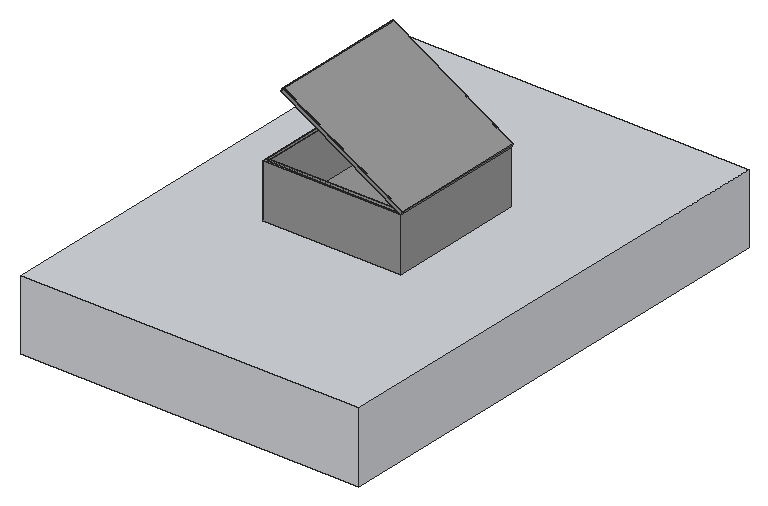
Revit family "Hager-Orion_Inox-IP65-D250-Cl.I-Inox_encl-630A-600mm-IT-it", category Equipement électrique, Revit 2020
Family settings
  Hôte = Face
  Configuration du panneau = Deux colonnes, circuits au sein
  Cote de connecteur circulaire = Utiliser le diamètre
  Type d'élément = Tableau de raccordement
  Couper avec des vides une fois chargée = Non
  Partagée = Non
  Point de calcul de pièce = Non
Parameters (values of type "incassato IP65 L600 A600 P250  - FL717BW")
  Width Control [instance] = if([EF000008 - Larghezza] > Min Width, [EF000008 - Larghezza], Min Width)  # 600 mm
  Commentaires du type = [HG000003 - Gamma]  # "Orion Inox"
  Thickness Door [instance] = if([EF009171 - spessore materiale porta/coperchio] > 3 mm, 3 mm, [EF009171 - spessore materiale porta/coperchio])  # 1.5 mm
  Seal Frame Offset [instance] = 17 mm  # constant formula
  Model = ""
  Min Width [instance] = 100 mm  # constant formula
  Min Height [instance] = 100 mm  # constant formula
  Min Depth [instance] = (2 * [EF009170 - spessore materiale scatola]) + 1 mm  # 3.4 mm
  Internal Frame Depth [instance] = (Door System Depth * 0.5)  # 9 mm
  Height Control [instance] = if([EF000040 - Altezza] > Min Height, [EF000040 - Altezza], Min Height)  # 600 mm
  HG000027 - Altezza dello zoccolo = 0 mm
  HG000026 - A pavimento = no
  HG000024 - Altezza della sezione inferiore = 800 mm
  HG000023 - Custodia a doppia sezione = no
  HG000016 - Visibilità delle porte nella vista 3D [instance] = yes
  HG000015 - Visibilità attraverso la porta [instance] = no
  HG000014 - Porta destra [instance] = yes
  HG000013 - Porta sinistra [instance] = not([HG000014 - Porta destra])  # no
  HG000012 - Angolo di apertura della porta [instance] = 30.00°
  HG000010 - Porte asimmetriche = no
  HG000009 - Porta doppia a battente = no
  HG000006 - Ad incasso = yes
  HG000004 - Codice produttore = "FL717BW"
  HG000003 - Gamma = "Orion Inox"
  HG000002 - Con porta = yes
  Frame Offset Bottom [instance] = 10 mm  # constant formula
  Frame Offset [instance] = 15 mm  # constant formula
  EF015940 - Coprire con rilascio di sovrapressione = no
  EF011959 - tipo di protezione (NEMA) = ""
  EF009554 - numero delle aperture per la piastra della flangia = 2
  Fabricant = "Hager"  # constant formula
  EF009212 - esecuzione coperchio = "EV009916 - con taglio"
  EF009171 - spessore materiale porta/coperchio = 1.5 mm
  EF009170 - spessore materiale scatola = 1.2 mm
  EF008873 - corrente nominale (In) = 630 A
  EF007800 - adatto per parafulmine = no
  EF006306 - con serratura = yes
  EF006244 - coperchio/porta trasparente = no
  EF005474 - grado di protezione (IP) = "EV006421 - IP65"
  EF004464 - tipo di porta = "EV002646 - singolo"
  EF004427 - numero di moduli = 0
  EF004293 - resistenza agli urti = "EV008784 - IK10"
  EF003532 - adatto per uso esterno = yes
  EF002950 - Numero moduli DIN = 0
  EF001613 - Integrità del circuito = ""
  EF001596 - Attacco Lampada = "EV000166 - acciaio inossidabile"
  EF001131 - profondità interna = 250 mm
  EF001088 - possibilità di applicazione = no
  EF000437 - numero di ingressi per conduttori = 2
  EF000339 - tipo di copertura = "EV004216 - porta"
  EF000266 - numero di file = 0
  EF000218 - profondità di incasso = 0 mm
  EF000118 - con piastra di montaggio = yes
  EF000116 - numero RAL = ""
  EF000049 - profondità = 250 mm
  EF000040 - Altezza = 600 mm
  EF000008 - Larghezza = 600 mm
  EF000007 - colore = "EV000154 - altri"
  EF000003 - Tipo di montaggio = "EV001247 - apparente/incassato"
  Door System Leaf Tolerance [instance] = 1.5 mm  # constant formula
  Door System Depth [instance] = 18 mm  # constant formula
  Depth Control [instance] = if([EF000049 - profondità] > Min Depth, [EF000049 - profondità], Min Depth)  # 250 mm
  Default Elevation = 0 mm
Types (4, lengths in mm): name | Width Control | HG000006 - Ad incasso | HG000004 - Codice produttore | EF000008 - Larghezza
  apparente IP65 L400 A600 P250  - FL715BW | 400 | no | "FL715BW" | 400
  apparente IP65 L600 A600 P250  - FL717BW | 600 | no | "FL717BW" | 600
  incassato IP65 L400 A600 P250  - FL715BW | 400 | yes | "FL715BW" | 400
  incassato IP65 L600 A600 P250  - FL717BW | 600 | yes | "FL717BW" | 600
Reference planes
  plane 1 "Center (Front/Back)": y = 0
  plane 2: z = 0
  plane 3 "Center (Left/Right)": x = 0
  plane 4: z = 250
  plane 5: y = 1.2
  plane 6: y = 300
  plane 7: y = 0
  plane 8: y = 600
  plane 9: z = 0
  plane 10: x = -285
  plane 11: x = 285
  plane 12: x = 283.8
  plane 13: x = -283.8
  plane 14: y = 598.8
  plane 15: x = -283
  plane 16: x = -300
  plane 17: x = 283
  plane 18: x = 300
  plane 19: x = 298.8
  plane 20: x = -298.8
  plane 21: y = 11.2
  plane 22: y = 600
  plane 23: y = 583.8
  plane 24: z = 232
  plane 25: z = 1.2
  plane 26: z = 230.8
  plane 27: z = 248.8
Forms (mm)
  Extrusion 1, solid
    sketch origin (0, 0, 0) x (1, 0, 0) y (0, 1, 0)
      loop
        line (-702.964, 1305) -> (-702.964, -811.445) -> (766.763, -811.445) -> (766.763, 1305) -> (-702.964, 1305)
    from 0 to -304.8
  Extrusion 2, solid, material "Hager_Stainless_Steel", detail levels medium+fine
    sketch origin (0, 0, 0) x (1, 0, 0) y (0, 1, 0)
      loop
        line (-300, 0) -> (300, 0) -> (300, 600) -> (-300, 600) -> (-300, 0)
    from 0 to 232
  Extrusion 3, solid, material "Hager_Steel_RAL 7035_Light_Grey", not visible, detail levels medium+fine
    sketch origin (0, 28.16, 50.802) x (0, 1, 0) y (0, 0, 1)
      loop
        line (323.34, -50.802) -> (323.34, 187.998)
        arc (323.34, 187.998) -> (320.411, 195.069) -> (313.34, 197.998) r 10
        line (313.34, 197.998) -> (283.34, 197.998) -> (283.34, -50.802) -> (323.34, -50.802)
    from -298.8 to 298.8
  Extrusion 4, void
    sketch origin (0, 0, 0) x (1, 0, 0) y (0, 1, 0)
      loop
        line (-298.8, 1.2) -> (298.8, 1.2) -> (298.8, 598.8) -> (-298.8, 598.8) -> (-298.8, 1.2)
    from 1.2 to 230.8
  Extrusion 5, void
    sketch origin (-381.607, -4572, 232) x (0, -1, 0) y (-1, 0, 0)
      loop
        line (-4583.2, -97.807) -> (-5155.8, -97.807) -> (-5155.8, -665.407) -> (-4583.2, -665.407) -> (-4583.2, -97.807)
    from 0 to 1.2 <- "EF009170 - spessore materiale scatola"
  Extrusion 6, solid, material "Hager_Stainless_Steel", detail levels fine
    sketch origin (-381.607, -4572, 232) x (-1, 0, 0) y (0, -1, 0)
      loop
        line (-97.807, -4583.2) -> (-665.407, -4583.2) -> (-665.407, -5155.8) -> (-97.807, -5155.8) -> (-97.807, -4583.2)
      loop
        line (-97.107, -4581.7) -> (-666.107, -4581.7) -> (-666.107, -5157.3) -> (-97.107, -5157.3) -> (-97.107, -4581.7)
    from 0 to 9 <- "Internal Frame Depth"
  Extrusion 7, solid, material "Hager_Stainless_Steel", detail levels coarse
    sketch origin (0, 0, 0) x (1, 0, 0) y (0, 1, 0)
      loop
        line (-300, 0) -> (300, 0) -> (300, 600) -> (-300, 600) -> (-300, 0)
    from 0 to 250
Cuts and joins
  Extrusion 4, Extrusion 5 cuts Extrusion 2
Lines and regions (mm)
  Masking region 1
    outline origin (0, 0, 0) x (1, 0, 0) y (0, 0, 1)
      loop
        line (-300, 250) -> (-300, 0) -> (300, 0) -> (300, 250) -> (-300, 250)
  Masking region 2, detail levels medium+fine
    outline origin (0, 140, 0) x (0, 1, 0) y (0, 0, 1)
      loop
        line (-140, 0) -> (460, 0) -> (460, 232) -> (-140, 232) -> (-140, 0)
  Masking region 3, not visible, detail levels medium+fine
    outline origin (0, 297.922, 0) x (0, 1, 0) y (0, 0, 1)
      loop
        line (13.578, 0) -> (53.578, 0) -> (53.578, 238.8)
        arc (53.578, 238.8) -> (50.649, 245.871) -> (43.578, 248.8) r 10
        line (43.578, 248.8) -> (13.578, 248.8) -> (13.578, 0)
  Masking region 4, detail levels coarse
    outline origin (0, 0, 180) x (0, 1, 0) y (0, 0, 1)
      loop
        line (0, -180) -> (600, -180) -> (600, 70) -> (0, 70) -> (0, -180)
  Masking region 5
    outline origin (-381.607, -4572, 232) x (-1, 0, 0) y (0, -1, 0)
      loop
        line (-81.607, -5172) -> (-81.607, -4572) -> (-681.607, -4572) -> (-681.607, -5172) -> (-81.607, -5172)
Dimensions and locks
  "Depth Control": plane 4 to Extrusion 1
  "EF009170 - spessore materiale scatola": plane 5 to plane 7
  locked: connector elem to plane 3 "Center (Left/Right)"
  equal spacing: plane 8, plane 6, plane 7
  locked: connector elem to plane 6
  "EF009170 - spessore materiale scatola": plane 8 to plane 14
  "EF009170 - spessore materiale scatola": plane 10 to plane 13
  "EF009170 - spessore materiale scatola": plane 12 to plane 11
  "Frame Offset": plane 20 to plane 13
  "Frame Offset": plane 12 to plane 19
  "EF009170 - spessore materiale scatola": plane 16 to plane 20
  "EF009170 - spessore materiale scatola": plane 19 to plane 18
  "Seal Frame Offset": plane 16 to plane 15
  "Seal Frame Offset": plane 17 to plane 18
  "Frame Offset Bottom": plane 21 to plane 5
  "Frame Offset": plane 14 to plane 23
  equal spacing: plane 16, plane 3 "Center (Left/Right)", plane 18
  "Width Control": plane 16 to plane 18
  "EF009170 - spessore materiale scatola": plane 4 to plane 27
  "EF009170 - spessore materiale scatola": plane 24 to plane 26
  "EF009170 - spessore materiale scatola": plane 25 to level
  "Door System Depth": plane 4 to plane 24
  "Height Control": plane 1 "Center (Front/Back)" to Extrusion 7 sketch curve
  "Height Control": Masking region 4 sketch curve to plane 1 "Center (Front/Back)"
  "Thickness Door": Extrusion 6 sketch curve to plane 15
  "Thickness Door": plane 21 to Extrusion 6 sketch curve
  "Thickness Door": plane 17 to Extrusion 6 sketch curve
  "Thickness Door": Extrusion 6 sketch curve to plane 23
  "Height Control": plane 1 "Center (Front/Back)" to plane 22
  radius of Masking region 3 sketch curve = 10 mm
  radius of Extrusion 3 sketch curve = 10 mm
  aligned and locked: plane 2 to Extrusion 1
  aligned and locked: level to Extrusion 1
  aligned and locked: level to Masking region 1 sketch curve
  aligned and locked: Masking region 1 sketch curve to plane 18
  aligned and locked: Masking region 1 sketch curve to plane 16
  aligned and locked: plane 7 to Masking region 2 sketch curve
  aligned and locked: level to Masking region 3 sketch curve
  aligned and locked: Masking region 3 sketch curve to plane 27
  aligned and locked: level to Masking region 2 sketch curve
  aligned and locked: Extrusion 2 sketch curve to plane 7
  aligned and locked: plane 16 to Extrusion 2 sketch curve
  aligned and locked: plane 18 to Extrusion 2 sketch curve
  aligned and locked: Extrusion 3 sketch curve to level
  aligned and locked: plane 27 to Extrusion 3 sketch curve
  aligned and locked: plane 20 to Extrusion 3
  aligned and locked: plane 19 to Extrusion 3
  aligned and locked: plane 20 to Extrusion 4 sketch curve
  aligned and locked: plane 19 to Extrusion 4 sketch curve
  aligned and locked: Extrusion 4 sketch curve to plane 5
  aligned and locked: Extrusion 4 to plane 25
  aligned and locked: plane 26 to Extrusion 4
  aligned and locked: plane 24 to Extrusion 2
  aligned and locked: Extrusion 5 sketch curve to plane 21
  aligned and locked: Extrusion 5 sketch curve to plane 13
  aligned and locked: Extrusion 5 sketch curve to plane 12
  aligned and locked: plane 18 to Extrusion 7 sketch curve
  aligned and locked: plane 1 "Center (Front/Back)" to Extrusion 7 sketch curve
  aligned and locked: plane 16 to Extrusion 7 sketch curve
  aligned and locked: plane 4 to Extrusion 7
  aligned and locked: Extrusion 7 to level
  aligned and locked: level to Masking region 4 sketch curve
  aligned and locked: Masking region 4 sketch curve to plane 1 "Center (Front/Back)"
  aligned and locked: Masking region 4 sketch curve to plane 4
  aligned and locked: nested 1 to level
  aligned and locked: nested 1 to plane 16
  aligned and locked: plane 8 to Extrusion 2 sketch curve
  aligned and locked: plane 23 to Extrusion 5 sketch curve
  aligned and locked: plane 14 to Extrusion 4 sketch curve
  aligned and locked: Extrusion 6 sketch curve to plane 21
  aligned and locked: plane 13 to Extrusion 6 sketch curve
  aligned and locked: plane 23 to Extrusion 6 sketch curve
  aligned and locked: plane 12 to Extrusion 6 sketch curve
  aligned and locked: Masking region 2 sketch curve to plane 8
  aligned and locked: Masking region 2 sketch curve to plane 24
  aligned and locked: nested 2 to plane 3 "Center (Left/Right)"
  aligned and locked: nested 2 to plane 24
  aligned and locked: Masking region 5 sketch curve to plane 1 "Center (Front/Back)"
  aligned and locked: Masking region 5 sketch curve to plane 18
  aligned and locked: Masking region 5 sketch curve to plane 22
  aligned and locked: Masking region 5 sketch curve to plane 16
  aligned and locked: plane 8 to plane 22
  aligned and locked: plane 7 to plane 1 "Center (Front/Back)"
  aligned and locked: nested 2 to plane 1 "Center (Front/Back)"
Automatic sketch dimensions
  Extrusion 1 sketch curve to Extrusion 1 sketch curve = 1469.727 mm
  Extrusion 1 sketch curve to Extrusion 1 sketch curve = 2116.445 mm
  plane 6 to Masking region 3 sketch curve = 11.5 mm
  Masking region 3 sketch curve to Masking region 3 sketch curve = 30 mm
  plane 6 to Extrusion 3 sketch curve = 11.5 mm
  Extrusion 3 sketch curve to Extrusion 3 sketch curve = 30 mm
  Masking region 1 sketch curve to plane 4 = 0 mm
Nested families
  nested 1: "Hager_Enclosure_Symbol" at (-300, 0, 0) x (1, 0, 0) z (0, -1, 0), Height <- "Depth Control", Width <- "Width Control", type "Hager_Enclosure_Symbol"
    with Width_Ctrl 600 mm, Width 600 mm, Height_Ctrl 250 mm, Height 250 mm, A_Width_Int 16.406 mm, A_Width 196.875 mm, A_Height_Ctrl 218.75 mm, A_Height 218.75 mm
  nested 2: "EC000058_OrionInox_Door" at (0, 600, 232) x (1, 0, 0) z (0, -1, 0), Leaf_Tolerance <- "Door System Leaf Tolerance", Angle <- "HG000012 - Angolo di apertura della porta", Door_Depth <- "Door System Depth", Door_Left <- "HG000013 - Porta sinistra", Transparent <- "EF006244 - coperchio/porta trasparente", Assymetrical <- "HG000010 - Porte asimmetriche", Width <- "Width Control", Clearance <- "HG000015 - Visibilità attraverso la porta", Double <- "HG000009 - Porta doppia a battente", 3d_Door <- "HG000016 - Visibilità delle porte nella vista 3D", Width_Ctrl <- "Width Control", Door_Right <- "HG000014 - Porta destra", Door <- "HG000002 - Con porta", Height <- "Height Control", Thickness <- "Thickness Door", type "EC000058_OrionInox_Door", detail levels medium+fine
    with min_wh 4 mm, Width_Ctrl 600 mm, Width 600 mm, Transparent no, Thickness 1.5 mm, Seal_Material Hager_Rubber, Leaf_Width 600 mm, Leaf_Tolerance_External_Sides 0 mm, Leaf_Tolerance 1.5 mm, Leaf_Offset 0 mm, Leaf_Height 597 mm, Leaf_2_Width 600 mm, Leaf_2_Offset 300 mm, Leaf_1_Width 600 mm, Leaf_1_Offset 300 mm, Height_Ctrl 600 mm, Height 600 mm, Glass_Material Hager_Glass, Double_Clearance_Ctrl no, Double no, Door_Right_Ctrl yes, Door_Right yes, Door_Material Hager_Stainless_Steel, Door_Left_Ctrl no, Door_Left no, Door_Depth 18 mm, Door yes, Clearance_Material Hager_Clearance, Clearance_Depth 600 mm, Clearance_Ctrl no, Clearance no, Assymetrical no, Angle 30.00°, 3d_Door yes
Connectors
  electrical at (0, 300, 0)
    settings: on plane 9, index 1, voltage 0 V, apparent load 0 VA, apparent load phase1 0 VA, apparent load phase2 0 VA, apparent load phase3 0 VA, power factor 1, load classification "Other", number of poles 1, system type 30, power factor state 1, is connector primary yes, connector utility no, sub classification motor no, connector description ""
Definition of nested family "EC000058_OrionInox_Door"
  Parameters (values of type "EC000058_OrionInox_Door")
    min_wh [instance] = (2 * Thickness) + 1 mm  # 11 mm
    Width_Ctrl [instance] = 400 mm
    Width [instance] = 500 mm
    Transparent [instance] = yes
    Thickness [instance] = 5 mm
    Seal_Material [instance] = none
    Leaf_Width [instance] = if((Width_Ctrl - 2 * Leaf_Tolerance_External_Sides) > 0 mm, (Width_Ctrl - 2 * Leaf_Tolerance_External_Sides), min_wh)  # 400 mm
    Leaf_Tolerance_External_Sides [instance] = 0 mm  # constant formula
    Leaf_Tolerance [instance] = 1.5 mm
    Leaf_Offset [instance] = 0 mm  # constant formula
    Leaf_Height [instance] = if((Height_Ctrl - 2 * Leaf_Tolerance) > 0 mm, (Height_Ctrl - 2 * Leaf_Tolerance), min_wh)  # 497 mm
    Leaf_2_Width [instance] = if(and(and(Double, Assymetrical), Door_Left), (Leaf_Width / 3) - (Leaf_Tolerance / 2), if(and(and(Double, Assymetrical), Door_Right), (Leaf_Width / 3) * 2 - (Leaf_Tolerance / 2), if(and(Double, not(Assymetrical)), (Leaf_Width / 2) - Leaf_Tolerance, Leaf_Width)))  # 400 mm
    Leaf_2_Offset [instance] = if(and(Double, Assymetrical), Leaf_2_Width / 2, if(and(Double, not(Assymetrical)), Leaf_Width / 4, Leaf_Width / 2))  # 200 mm
    Leaf_1_Width [instance] = if(and(and(Double, Assymetrical), Door_Right), (Leaf_Width / 3) - (Leaf_Tolerance / 2), if(and(and(Double, Assymetrical), Door_Left), (Width / 3) * 2 - (Leaf_Tolerance / 2), if(and(Double, not(Assymetrical)), (Leaf_Width / 2) - Leaf_Tolerance, Leaf_Width)))  # 400 mm
    Leaf_1_Offset [instance] = if(and(Double, Assymetrical), Leaf_1_Width / 2, if(and(Double, not(Assymetrical)), Leaf_Width / 4, Leaf_Width / 2))  # 200 mm
    Height_Ctrl [instance] = if(Height > min_wh, Height, min_wh)  # 500 mm
    Height [instance] = 500 mm
    Glass_Material [instance] = none
    Double_Clearance_Ctrl [instance] = and(Double, Clearance)  # no
    Double [instance] = no
    Door_Right_Ctrl [instance] = and(or(Door_Right, Double), Door)  # yes
    Door_Right [instance] = yes
    Door_Material [instance] = none
    Door_Left_Ctrl [instance] = and(or(Door_Left, Double), Door)  # no
    Door_Left [instance] = no
    Door_Depth [instance] = 30 mm
    Door [instance] = yes
    Default Elevation = 1219.2 mm
    Clearance_Material [instance] = none
    Clearance_Depth [instance] = if(Leaf_1_Width > Leaf_2_Width, Leaf_1_Width, Leaf_2_Width)  # 400 mm
    Clearance_Ctrl [instance] = and(not(Double), Clearance)  # yes
    Clearance [instance] = yes
    Assymetrical [instance] = yes
    Angle [instance] = 30.00°
    3d_Door [instance] = yes
  Reference planes
    plane 1 "Center (Front/Back)": y = 0
    plane 2 "Bottom": z = 0
    plane 3 "Center (Left/Right)": x = 0
    plane 4: z = 500
    plane 5: x = -200
    plane 6: x = 200
    plane 7: z = 500
    plane 8: x = -200
    plane 9: z = 0
    plane 10: x = 200
    plane 11: y = 0
    plane 12: z = 1.5
    plane 13: x = -600
    plane 14: y = -400
    plane 15: x = 600
    plane 16: x = 0
    plane 17: x = 0
    plane 18: x = -200
    plane 19: x = 200
    plane 20: z = 498.5
  Forms (mm)
    Extrusion 1, solid, material <- "Clearance_Material", visible <- "Double_Clearance_Ctrl"
      sketch origin (1200, 0, 0) x (1, 0, 0) y (0, 0, -1)
        loop
          line (-1800, -498.5) -> (-600, -498.5) -> (-600, 0) -> (-1800, 0) -> (-1800, -498.5)
      from 0 to -400
  Dimensions and locks
    equal spacing: plane 5, plane 3 "Center (Left/Right)", plane 6
    "Width_Ctrl": plane 5 to plane 6
    "Leaf_Offset": plane 5 to plane 8
    "Leaf_Offset": plane 6 to plane 10
    "Leaf_Offset": plane 9 to level
    "Leaf_Offset": plane 4 to plane 7
    "Height_Ctrl": plane 4 to level
    "Leaf_Tolerance": plane 12 to plane 9
    locked: plane 11 to plane 1 "Center (Front/Back)"
    "Leaf_1_Offset": plane 18 to plane 16
    "Leaf_2_Offset": plane 17 to plane 19
    "Leaf_1_Width": plane 13 to plane 8
    "Leaf_2_Width": plane 10 to plane 15
    "Clearance_Depth": plane 14 to plane 1 "Center (Front/Back)"
    "Leaf_Tolerance_External_Sides": plane 8 to plane 18
    "Leaf_Tolerance_External_Sides": plane 19 to plane 10
    "Leaf_Tolerance": plane 7 to plane 20
    aligned and locked: level to plane 2 "Bottom"
    aligned and locked: nested 1 to plane 16
    aligned and locked: nested 2 to plane 17
    aligned and locked: Extrusion 1 to plane 13
    aligned and locked: plane 15 to Extrusion 1
    aligned and locked: Extrusion 1 to plane 14
    aligned and locked: plane 12 to nested 1
    aligned and locked: nested 2 to plane 12
    aligned and locked: Extrusion 1 to plane 11
    aligned and locked: plane 20 to Extrusion 1
    aligned and locked: nested 2 to plane 11
    aligned and locked: nested 1 to plane 11
  Automatic sketch dimensions
    Extrusion 1 sketch curve to level = 0 mm
    plane 5 to Extrusion 1 sketch curve = 400 mm
    plane 6 to Extrusion 1 sketch curve = 400 mm
    Extrusion 1 sketch curve to plane 4 = 1.5 mm
  Nested families
    nested 1: "EC000058_OrionInox_Door_Leaf" at (0, 0, 1.5), Width <- "Leaf_1_Width", visible <- "Door_Left_Ctrl", Leaf_Height <- "Leaf_Height", Angle <- "Angle", 3d_Door <- "3d_Door", Transparent <- "Transparent", Clearance Material <- "Clearance_Material", Clearance <- "Clearance_Ctrl", Door_Material <- "Door_Material", Glass_Material <- "Glass_Material", Door_Depth <- "Door_Depth", Seal_Material <- "Seal_Material", Thickness <- "Thickness", type "EC000058_OrionInox_Door_Leaf"
      with Width 400 mm, Transparent_Ctrl yes, Transparent yes, Thickness 5 mm, Standard no, Seal_Material none, Seal_D2 8 mm, Seal_D1 1 mm, Offset_Internal_Frame 10 mm, Lock_Width 28 mm, Lock_Thickness 2 mm, Lock_Radius 6 mm, Leaf_Height 497 mm, Internal_Seal_Thickness 8 mm, Internal_Seal_Depth_2 4.5 mm, Internal_Frame_Depth 25 mm, Glass_Thickness -1 mm, Glass_Offset -2 mm, Glass_Material none, Door_Material none, Door_Depth 30 mm, Clearance Material none, Clearance yes, Angle_Ctrl 30.00°, Angle 30.00°, 3d_Door yes
    nested 2: "EC000058_OrionInox_Door_Leaf" at (0, 0, 1.5) x (-1, 0, 0) z (0, 0, 1), Width <- "Leaf_2_Width", visible <- "Door_Right_Ctrl", Leaf_Height <- "Leaf_Height", Angle <- "Angle", 3d_Door <- "3d_Door", Transparent <- "Transparent", Clearance Material <- "Clearance_Material", Clearance <- "Clearance_Ctrl", Door_Material <- "Door_Material", Glass_Material <- "Glass_Material", Door_Depth <- "Door_Depth", Seal_Material <- "Seal_Material", Thickness <- "Thickness", type "EC000058_OrionInox_Door_Leaf"
      with Width 400 mm, Transparent_Ctrl yes, Transparent yes, Thickness 5 mm, Standard no, Seal_Material none, Seal_D2 8 mm, Seal_D1 1 mm, Offset_Internal_Frame 10 mm, Lock_Width 28 mm, Lock_Thickness 2 mm, Lock_Radius 6 mm, Leaf_Height 497 mm, Internal_Seal_Thickness 8 mm, Internal_Seal_Depth_2 4.5 mm, Internal_Frame_Depth 25 mm, Glass_Thickness -1 mm, Glass_Offset -2 mm, Glass_Material none, Door_Material none, Door_Depth 30 mm, Clearance Material none, Clearance yes, Angle_Ctrl 30.00°, Angle 30.00°, 3d_Door yes
  Definition of nested family "EC000058_OrionInox_Door_Leaf"
    Parameters (values of type "EC000058_OrionInox_Door_Leaf")
      Width [instance] = 450 mm
      Transparent_Ctrl [instance] = and(Transparent, [3d_Door])  # yes
      Transparent [instance] = yes
      Thickness [instance] = 5 mm
      Standard [instance] = and(not(Transparent), [3d_Door])  # no
      Seal_Material [instance] = none
      Seal_D2 [instance] = 8 mm  # constant formula
      Seal_D1 [instance] = 1 mm  # constant formula
      Offset_Internal_Frame [instance] = 10 mm  # constant formula
      Lock_Width [instance] = Door_Depth - Lock_Thickness  # 28 mm
      Lock_Thickness [instance] = 2 mm  # constant formula
      Lock_Radius [instance] = 6 mm  # constant formula
      Leaf_Height [instance] = 450 mm
      Internal_Seal_Thickness [instance] = 8 mm  # constant formula
      Internal_Seal_Depth_2 [instance] = 4.5 mm  # constant formula
      Internal_Frame_Depth [instance] = if(Door_Depth - Thickness > 5 mm, Door_Depth - Thickness, 5 mm)  # 25 mm
      Glass_Thickness [instance] = if(Thickness > 15 mm, Glass_Offset + 10 mm, -1 mm)  # -1 mm
      Glass_Offset [instance] = if(Thickness > 15 mm, -(Thickness + 10 mm) / 2, -2 mm)  # -2 mm
      Glass_Material [instance] = none
      Door_Material [instance] = none
      Door_Depth [instance] = 30 mm
      Default Elevation = 0 mm
      Clearance Material [instance] = none
      Clearance [instance] = yes
      Angle_Ctrl [instance] = if(Angle > 180.00°, 180.00°, Angle)  # 90.00°
      Angle [instance] = 90.00°
      3d_Door [instance] = yes
    Reference planes
      plane 1 "Center (Front/Back)": y = 0
      plane 2: z = 0
      plane 3 "Center (Left/Right)": x = 0
      plane 4: y = 450
      plane 5: x = -225
      plane 6: x = 225
      plane 7: x = -675
      plane 8: z = 450
      plane 9: z = 30
      plane 10: z = 420
      plane 11: x = 195
      plane 12: x = -195
      plane 13: y = -3
      plane 14: z = 107.833
      plane 15: y = -5
      plane 16: y = -223.314
      plane 17: x = -225
      plane 18: y = 30
    Forms (mm)
      Extrusion 1, solid, material <- "Clearance Material", visible <- "Clearance"
        sketch origin (0, 0, 0) x (1, 0, 0) y (0, 0, 1)
          loop
            line (-675, 450) -> (-675, 0) -> (225, 0) -> (225, 450) -> (-675, 450)
        from 0 to -450
      Extrusion 2, solid, material <- "Door_Material", visible <- "Standard", detail levels medium+fine
        sketch origin (-225, 0, 0) x (0, 1, 0) y (-1, 0, 0)
          loop
            line (0, 30) -> (0, 25) -> (450, 25) -> (450, 30) -> (0, 30)
        from 0 to 450 <- "Leaf_Height"
      Extrusion 3, solid, material <- "Door_Material", visible <- "Transparent_Ctrl", detail levels medium+fine
        sketch origin (-225, 0, 0) x (0, 1, 0) y (-1, 0, 0)
          loop
            line (0, 25) -> (450, 25) -> (450, 30) -> (0, 30) -> (0, 25)
        from 0 to 450 <- "Leaf_Height"
      Extrusion 4, void
        sketch origin (-250, 450, 0) x (0, 1, 0) y (0, 0, -1)
          loop
            line (-30, -420) -> (-30, -30) -> (-420, -30) -> (-420, -420) -> (-30, -420)
        from 0 to 5 <- "Thickness"
      Sweep 5, solid, material <- "Seal_Material", visible <- "Transparent_Ctrl", detail levels fine
        path in 3D
          loop
            line (-250, 30, 30) -> (-250, 30, 420) -> (-250, 420, 420) -> (-250, 420, 30) -> (-250, 30, 30)
        profile origin (-250, 225, 30) x (1, 0, 0) y (0, 0, 1)
          loop
            line (0, 0) -> (0, -8) -> (1, -8) -> (1, 0) -> (0, 0)
      Extrusion 6, solid, material <- "Glass_Material", visible <- "Transparent_Ctrl", detail levels medium+fine
        sketch origin (-255, 0, 0) x (0, 1, 0) y (0, 0, -1)
          loop
            line (420, -420) -> (420, -30) -> (30, -30) -> (30, -420) -> (420, -420)
        from -2 <- "Glass_Offset" to -1 <- "Glass_Thickness"
      Extrusion 7, solid, material <- "Door_Material", visible <- "3d_Door", detail levels medium+fine
        sketch origin (-250, 450, 0) x (0, -1, 0) y (0, 0, -1)
          loop
            line (0, -450) -> (450, -450) -> (450, 0) -> (0, 0) -> (0, -450)
          loop
            line (445, -5) -> (5, -5) -> (5, -445) -> (445, -445) -> (445, -5)
        from 0 to 25 <- "Internal_Frame_Depth"
      Sweep 8, solid, material <- "Seal_Material", visible <- "Transparent_Ctrl", detail levels fine
        path in 3D
          loop
            line (-250, 0, 0) -> (-250, 450, 0) -> (-250, 450, 450) -> (-250, 0, 450) -> (-250, 0, 0)
        profile origin (-250, 0, 225) x (1, 0, 0) y (0, 1, 0)
          loop
            line (0, 10) -> (2.975, 10)
            arc (2.975, 10) -> (4.053, 10.447) -> (4.5, 11.525) r 1.525
            line (4.5, 11.525) -> (4.5, 16.527)
            arc (4.5, 16.527) -> (4.069, 17.569) -> (3.027, 18) r 1.473
            line (3.027, 18) -> (0, 18) -> (0, 10)
    Cuts and joins
      Extrusion 4 cuts Extrusion 3
    Lines and regions (mm)
      Masking region 1, detail levels medium+fine
        outline origin (0, 0, 0) x (0, 1, 0) y (0, 0, 1)
          loop
            line (0, 0) -> (30, 0) -> (30, 450) -> (0, 450) -> (0, 0)
      Masking region 2, detail levels medium+fine
        outline origin (0, 0, 0) x (1, 0, 0) y (0, 0, 1)
          loop
            line (-225, 450) -> (-225, 0) -> (225, 0) -> (225, 450) -> (-225, 450)
      symbolic lines
        curve 1: line (225, 0, 0) -> (-675, 0, 0)
        curve 2: arc (225, 0, 0) -> (-225, 450, 0) -> (-675, 0, 0) r 450
        curve 4: line (-255, 0, 0) -> (-255, 450, 0)
      reference lines
        curve 3: line (-225, 0, 0) -> (-225, 450, 0)
      symbolic lines, detail levels medium+fine
        curve 5: line (-255, 450, 0) -> (-250, 450, 0)
        curve 7: line (-250, 0, 0) -> (-255, 0, 0)
        curve 8: line (-250, 0, 0) -> (-225, 0, 0)
        curve 9: line (-225, 0, 0) -> (-225, 450, 0)
        curve 10: line (-225, 450, 0) -> (-250, 450, 0)
      symbolic lines, detail levels fine
        curve 6: line (-250, 450, 0) -> (-250, 0, 0)
      sketch lines
        curve 11: line (-250, 0, 450) -> (-250, 0, 0)
        curve 12: line (-250, 450, 0) -> (-250, 0, 0)
        curve 13: line (-250, 450, 450) -> (-250, 450, 0)
        curve 14: line (-250, 0, 450) -> (-250, 450, 450)
        curve 15: line (-250, 420, 30) -> (-250, 30, 30)
        curve 16: line (-250, 30, 30) -> (-250, 30, 420)
        curve 17: line (-250, 420, 420) -> (-250, 420, 30)
        curve 18: line (-250, 30, 420) -> (-250, 420, 420)
      symbolic lines, visible <- "Transparent", detail levels medium+fine
        curve 19: line (-195, 0, 420) -> (195, 0, 420)
        curve 20: line (-195, 0, 30) -> (-195, 0, 420)
        curve 21: line (195, 0, 30) -> (-195, 0, 30)
        curve 22: line (195, 0, 420) -> (195, 0, 30)
    Dimensions and locks
      "Width": plane 1 "Center (Front/Back)" to plane 4
      equal spacing: plane 5, plane 3 "Center (Left/Right)", plane 6
      "Width": plane 5 to plane 6
      "Width": plane 7 to plane 5
      "Leaf_Height": plane 8 to level
      "Width": curve 5 to curve 3
      "Width": curve 3 to curve 3
      plane 8 to plane 10 = 30 mm
      plane 9 to level = 30 mm
      plane 12 to plane 5 = 30 mm
      plane 6 to plane 11 = 30 mm
      Extrusion 4 sketch curve to Extrusion 3 = 30 mm
      Extrusion 3 to Extrusion 4 sketch curve = 30 mm
      Extrusion 1 to Extrusion 4 sketch curve = 30 mm
      curve 3 to Extrusion 4 sketch curve = 30 mm
      Extrusion 4 sketch curve to cut or joined group of Extrusion 3, Extrusion 4 = 30 mm
      cut or joined group of Extrusion 3, Extrusion 4 to Extrusion 6 sketch curve = 30 mm
      cut or joined group of Extrusion 3, Extrusion 4 to Extrusion 4 sketch curve = 30 mm
      "Thickness": curve 6 to curve 4
      "Thickness": Extrusion 7 sketch curve to Extrusion 7 sketch curve  (x4)
      "Door_Depth": curve 4 to curve 3
      "Offset_Internal_Frame": profile plane to Sweep 8 sketch curve
      "Internal_Seal_Thickness": Sweep 8 sketch curve to Sweep 8 sketch curve
      "Internal_Seal_Depth_2": profile plane to Sweep 8 sketch curve
      "Seal_D1": profile plane to Sweep 5 sketch curve
      "Seal_D2": profile plane to Sweep 5 sketch curve
      "Thickness": Extrusion 2 sketch curve to Extrusion 2 sketch curve
      "Door_Depth": plane 18 to plane 1 "Center (Front/Back)"
      radius of Sweep 8 sketch curve = 1.525 mm
      radius of Sweep 8 sketch curve = 1.473 mm
      "Angle_Ctrl": angle plane 1 "Center (Front/Back)" to curve 3
      aligned and locked: level to plane 2
      aligned and locked: Extrusion 1 to curve 1
      aligned and locked: plane 6 to Extrusion 1
      aligned and locked: plane 1 "Center (Front/Back)" to Extrusion 1
      aligned and locked: plane 4 to Extrusion 1
      aligned and locked: plane 8 to Extrusion 1
      aligned and locked: curve 7 to Extrusion 2 sketch curve
      aligned and locked: curve 5 to Extrusion 2 sketch curve
      aligned and locked: curve 7 to Extrusion 3 sketch curve
      aligned and locked: Extrusion 3 sketch curve to curve 4
      aligned and locked: Extrusion 3 sketch curve to curve 6
      aligned and locked: Extrusion 3 sketch curve to curve 5
      aligned and locked: curve 9 to curve 3
      aligned and locked: Extrusion 7 sketch curve to cut or joined group of Extrusion 3, Extrusion 4  (x4)
      aligned and locked: plane 17 to curve 3
      aligned and locked: plane 1 "Center (Front/Back)" to curve 3
      aligned and locked: plane 17 to plane 5
      aligned and locked: Sweep 8 sketch curve to profile plane
      aligned and locked: Sweep 5 sketch curve to profile plane  (x2)
      aligned and locked: plane 1 "Center (Front/Back)" to Masking region 1 sketch curve
      aligned and locked: plane 18 to Masking region 1 sketch curve
      aligned and locked: level to Masking region 1 sketch curve
      aligned and locked: Masking region 1 sketch curve to plane 8
      aligned and locked: plane 17 to Masking region 2 sketch curve
      aligned and locked: level to Masking region 2 sketch curve
      aligned and locked: Masking region 2 sketch curve to plane 8
      aligned and locked: plane 12 to curve 20
      aligned and locked: plane 10 to curve 19
      aligned and locked: plane 11 to curve 22
      aligned and locked: plane 9 to curve 21
      aligned and locked: Extrusion 2 sketch curve to cut or joined group of Extrusion 3, Extrusion 4
    Automatic sketch dimensions
      plane 1 "Center (Front/Back)" to curve 2 = 0 mm
      curve 2 to plane 5 = 0 mm
      Extrusion 1 sketch curve to level = 0 mm
      Extrusion 1 sketch curve to plane 7 = 0 mm
      Extrusion 1 sketch curve to plane 6 = 0 mm
      Extrusion 1 sketch curve to plane 8 = 0 mm
      Extrusion 3 to Extrusion 6 sketch curve = 30 mm  (x4)
      Masking region 2 sketch curve to plane 6 = 0 mm
      curve 4 to curve 3 = 0 mm
Definition of nested family "Hager_Enclosure_Symbol"
  Parameters (values of type "Hager_Enclosure_Symbol")
    Width_Ctrl [instance] = if(Width > 1 mm, Width, 1 mm)  # 102.27 mm
    Width [instance] = 102.27 mm
    Height_Ctrl [instance] = if(Height > 1 mm, Height, 1 mm)  # 66.5 mm
    A_Width_Int [instance] = if(A_Width / 12 > 2 mm, A_Width / 12, 2 mm)  # 4.364 mm
    A_Width [instance] = if(A_Height_Ctrl * 0.9 > 2 mm, A_Height_Ctrl * 0.9, 2 mm)  # 52.369 mm
    A_Height_Ctrl [instance] = if(A_Height > 2 mm, A_Height, 2 mm)  # 58.188 mm
    Height [instance] = 66.5 mm
    A_Height [instance] = Height - (Height / 8)  # 58.188 mm
  Reference planes
    plane 1 "Centre (avant/arrière)": y = 0
    plane 2: z = 0
    plane 3 "Centre (gauche/droite)": x = 0
    plane 4: x = 52.369
    plane 5: y = 33.042
    plane 6: y = 41.77
    plane 7: y = 66.5
    plane 8: x = 26.184
    plane 9: y = 37.406
    plane 10: x = 102.27
    plane 11: y = 66.5
    plane 12: y = 8.313
  Lines and regions (mm)
    Filled region 1, type "Solid_Black", in view "Niveau de réf."
      outline origin (0, 0, 0) x (1, 0, 0) y (0, 1, 0)
        loop
          line (52.369, 66.5) -> (33.188, 54.536) -> (45.365, 45.006) -> (52.369, 66.5)
    Filled region 2, type "Solid_Black", in view "Niveau de réf."
      outline origin (0, 0, 0) x (1, 0, 0) y (0, 1, 0)
        loop
          line (0, 0) -> (102.27, 0) -> (102.27, 66.5) -> (0, 0)
    detail lines, in view "Niveau de réf."
      curve 1: line (0, 8.313, 0) -> (26.184, 41.77, 0)
      curve 2: line (26.184, 41.77, 0) -> (26.184, 33.042, 0)
      curve 3: line (26.184, 33.042, 0) -> (52.369, 66.5, 0)
  Dimensions and locks
    "A_Width": plane 3 "Centre (gauche/droite)" to plane 4
    equal spacing: plane 3 "Centre (gauche/droite)", plane 8, plane 4
    equal spacing: plane 6, plane 9, plane 5
    equal spacing: curve 3, Filled region 1 sketch curve, Filled region 1 sketch curve
    "Height_Ctrl": plane 1 "Centre (avant/arrière)" to plane 11
    "A_Height_Ctrl": plane 11 to plane 12
    equal spacing: plane 11, plane 9, plane 12
    "A_Width_Int": plane 6 to plane 9
    "Width_Ctrl": plane 3 "Centre (gauche/droite)" to plane 10
    angle Filled region 1 sketch curve to curve 3 = 20.00°
    angle curve 3 to Filled region 1 sketch curve = 20.00°
    locked: curve 3 to Filled region 1 sketch curve (angle 90.00°)
    aligned and locked: plane 10 to Filled region 2
    aligned and locked: plane 11 to Filled region 2 sketch curve
    aligned and locked: plane 10 to Filled region 2 sketch curve
    aligned and locked: plane 3 "Centre (gauche/droite)" to curve 1
    aligned and locked: plane 12 to curve 1
    aligned and locked: plane 7 to plane 11
  Automatic sketch dimensions
    Filled region 1 sketch curve to plane 4 = 0 mm
    Filled region 1 sketch curve to plane 7 = 0 mm
    plane 1 "Centre (avant/arrière)" to Filled region 2 sketch curve = 0 mm
    Filled region 2 sketch curve to plane 3 "Centre (gauche/droite)" = 0 mm
    curve 2 to plane 6 = 0 mm
    curve 2 to plane 8 = 0 mm
    curve 3 to plane 4 = 0 mm
    curve 2 to plane 5 = 0 mm
    curve 3 to plane 7 = 0 mm
